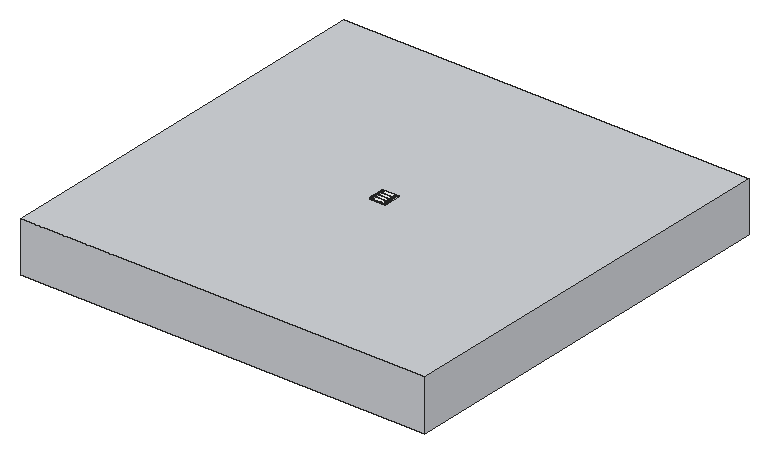
Revit family "Gira_5054003", category Elektroinstallationen, Revit 2017
Family settings
  Basisbauteil = Fläche
  Beschriftungsausrichtung beibehalten = Nein
  Bemaßung runder Anschluss = Durchmesser verwenden
  Teiletyp = Normal
  Beim Laden mit Abzugskörper schneiden = Nein
  Gemeinsam genutzt = Nein
  Raumberechnungspunkt = Nein
Parameters (values of type "Tastsens.4 24 V 4f TS4 Weiß")
  White = White
  Werkstoffgüte = "sonstige"
  Werkstoff Text = "sonstige"
  Default Elevation = 1219.2 mm
  URL = "https://www.gira.de/"
  Typname = "Tastsens.4 24 V 4f TS4 Weiß"
  Type Comments = ""
  Transparent = no
  Schutzart (IP) = "IP20"
  Produktseite = "https://media.stage.bim.site/t/eyJhbGciOiJIUzI1NiIsInR5cCI6IkpXVCJ9.eyJjdCI6MiwidHUiOiJodHRwOi8va2F0YWxvZy5naXJhLmRlL2RlX0RFL2RhdGVuYmxhdHQuaHRtbD9hcnRpa2VsbnI9NTA1NDAwMyIsImNpZCI6IjMyNzdjYzIzLTgxYTktNGVlMy1hOTBhLWI0N2JiNGMwYjYxNiIsInJpZCI6IjY4MGQ0YmYyMjhjNzFmZWE0Y2RiYmI3NDNhZTM3NjFiIiwicGlkIjoiNmIxYjNiMDNmNTg4YzQ5ZWIwY2U4MWQ5Nzk0ZTliMzU3YzQ4OWQ5NSIsInNpZCI6IjYzNDcwIiwidXQiOjEsImxjIjoiZGUiLCJpYXQiOjE2MDA5NDM3NjYsImlzcyI6Imh0dHBzOi8vYXBpLmxpdmUuYmltLnNpdGUiLCJzdWIiOiJhZG1pbkBiaW1zaXRlLmRldiJ9.-ygG7FQZbT0ydkaTa7GpobMDD9A4WjmlvmdC-JjU88Q"
  Oberfläche Text = "sonstige"
  Montageart = "Unterputz"
  Model = ""
  Mit Raumthermostat = no
  Mit LED-Anzeige = yes
  Mit Infrarotsensor = no
  Mit Display = no
  Mit Diebstahl-/Demontageschutz = yes
  Mit Busankopplung = no
  Mit Beschriftungsfeld = no
  Kosten = 0
  Hersteller = "Gira"
  HeinzeBIM = "https://www.heinze.de/bim/tastsens-4-24-v-4f-ts4-weiss/6b1b3b03f588c49eb0ce81d9794e9b357c489d95"
  HAN = "5054003"
  GTIN = "4010337074922"
  Funk bidirektional = no
  Farbe = "weiß"
  Datenblatt 1 = "https://media.stage.bim.site/t/eyJhbGciOiJIUzI1NiIsInR5cCI6IkpXVCJ9.eyJjdCI6MSwidGYiOiJwdWJsaWMvZ2lyYS9hZThjNTU3LzUwNTQwMDMudHh0IiwiY2lkIjoiMzI3N2NjMjMtODFhOS00ZWUzLWE5MGEtYjQ3YmI0YzBiNjE2IiwicmlkIjoiNjgwZDRiZjIyOGM3MWZlYTRjZGJiYjc0M2FlMzc2MWIiLCJwaWQiOiI2YjFiM2IwM2Y1ODhjNDllYjBjZTgxZDk3OTRlOWIzNTdjNDg5ZDk1Iiwic2lkIjoiNjM0NzAiLCJ1dCI6MSwibGMiOiJkZSIsImlhdCI6MTYwMDk0Mzc2NiwiaXNzIjoiaHR0cHM6Ly9hcGkubGl2ZS5iaW0uc2l0ZSIsInN1YiI6ImFkbWluQGJpbXNpdGUuZGV2In0.HSAwmt2geT7TwtHlI7XavcCJrmAygLIwRSA8vUb7HUU/5054003.txt"
  Datenblatt = "https://media.stage.bim.site/t/eyJhbGciOiJIUzI1NiIsInR5cCI6IkpXVCJ9.eyJjdCI6MSwidHUiOiJodHRwczovL2thdGFsb2cuZ2lyYS5kZS9kZV9ERS9kb3dubG9hZC5odG1sP2FydGlrZWxucj01MDU0MDAzIiwiY2lkIjoiMzI3N2NjMjMtODFhOS00ZWUzLWE5MGEtYjQ3YmI0YzBiNjE2IiwicmlkIjoiNjgwZDRiZjIyOGM3MWZlYTRjZGJiYjc0M2FlMzc2MWIiLCJwaWQiOiI2YjFiM2IwM2Y1ODhjNDllYjBjZTgxZDk3OTRlOWIzNTdjNDg5ZDk1Iiwic2lkIjoiNjM0NzAiLCJ1dCI6MSwibGMiOiJkZSIsImlhdCI6MTYwMDk0Mzc2NiwiaXNzIjoiaHR0cHM6Ly9hcGkubGl2ZS5iaW0uc2l0ZSIsInN1YiI6ImFkbWluQGJpbXNpdGUuZGV2In0.S1RvAAzMjr-PJEbnbkNR1R_GZvxNuqv5htXJH62mWi0"
  Bussystem Powernet = no
  Bussystem LON = no
  Bussystem KNX-Funk = no
  Bussystem KNX = yes
  Bussystem Funkbus = no
  Beschreibung = "Tastsensor 4 24 V 4fach  Weiß Merkmale:  Tastsensor 4 zum Anschluss an 24 V Steuersysteme.  Zwei weiße Status-LEDs pro Wippe.  Messung der Raumtemperatur mit integriertem Temperatursensor (PT1000).  Hinweise :  Nur für SELV-Stromkreise geeignet.  Professionelle Beschriftung über den Gira Beschriftungsservice www.beschriftung.gira.de.  Der Tastsensor wird mit einer programmneutralen Inbetriebnahme-Wippe geliefert. Das passende Wippenset zum Schalterprogramm ist separat zu bestellen."
  Assembly Code = ""
  Keynote = ""
  BIMSITE_PRODUCT_ID = "6b1b3b03f588c49eb0ce81d9794e9b357c489d95"
  BIM = "https://media.stage.bim.site/t/eyJhbGciOiJIUzI1NiIsInR5cCI6IkpXVCJ9.eyJjdCI6MSwidGYiOiJwdWJsaWMvZ2lyYS9hZThjNTU3LzQwXzUwMDQwMCBUUzQgNGZhY2gucmZhIiwiY2lkIjoiMzI3N2NjMjMtODFhOS00ZWUzLWE5MGEtYjQ3YmI0YzBiNjE2IiwicmlkIjoiNjgwZDRiZjIyOGM3MWZlYTRjZGJiYjc0M2FlMzc2MWIiLCJwaWQiOiI2YjFiM2IwM2Y1ODhjNDllYjBjZTgxZDk3OTRlOWIzNTdjNDg5ZDk1Iiwic2lkIjoiNjM0NzAiLCJ1dCI6NSwibGMiOiJkZSIsImlhdCI6MTYwMDk0Mzc2NiwiaXNzIjoiaHR0cHM6Ly9hcGkubGl2ZS5iaW0uc2l0ZSIsInN1YiI6ImFkbWluQGJpbXNpdGUuZGV2In0.Gd0LrRVRXhb__hkZYu9kNyf1Z7Awi367-Xx6JbhhWcI/40_500400 TS4 4fach.rfa"
  Anzahl der Tasten = 4
  Anzahl der Betätigungspunkte = 8
  Andere Bussysteme = "ohne"
Reference planes
  plane 1 "Center (Front/Back)": y = 0
  plane 2: z = 0
  plane 3 "Center (Left/Right)": x = 0
Forms (mm)
  Extrusion 1, solid
    sketch origin (0, 0, 0) x (1, 0, 0) y (0, 1, 0)
      loop
        line (-1219.2, 1219.2) -> (-1219.2, -1219.2) -> (1219.2, -1219.2) -> (1219.2, 1219.2) -> (-1219.2, 1219.2)
    from 0 to -304.8
  Extrusion 2, solid, material "White", detail levels fine
    sketch origin (0, 0, 0) x (1, 0, 0) y (0, 1, 0)
      loop
        line (25.45, 35.45) -> (-25.45, 35.45)
        arc (-25.45, 35.45) -> (-32.521, 32.521) -> (-35.45, 25.45) r 10
        line (-35.45, 25.45) -> (-35.45, -25.45)
        arc (-35.45, -25.45) -> (-32.521, -32.521) -> (-25.45, -35.45) r 10
        line (-25.45, -35.45) -> (25.45, -35.45)
        arc (25.45, -35.45) -> (32.521, -32.521) -> (35.45, -25.45) r 10
        line (35.45, -25.45) -> (35.45, 25.45)
        arc (35.45, 25.45) -> (32.521, 32.521) -> (25.45, 35.45) r 10
      loop
        arc (-31.325, 28.496) -> (-31.325, 25.668) -> (-28.496, 25.668) r 2
        line (-28.496, 25.668) -> (-25.668, 28.496)
        arc (-25.668, 28.496) -> (-25.668, 31.325) -> (-28.496, 31.325) r 2
        line (-28.496, 31.325) -> (-31.325, 28.496)
      loop
        arc (-28.496, -31.325) -> (-25.668, -31.325) -> (-25.668, -28.496) r 2
        line (-25.668, -28.496) -> (-28.496, -25.668)
        arc (-28.496, -25.668) -> (-31.325, -25.668) -> (-31.325, -28.496) r 2
        line (-31.325, -28.496) -> (-28.496, -31.325)
      loop
        line (31.325, 28.496) -> (28.496, 31.325)
        arc (28.496, 31.325) -> (25.668, 31.325) -> (25.668, 28.496) r 2
        line (25.668, 28.496) -> (28.496, 25.668)
        arc (28.496, 25.668) -> (31.325, 25.668) -> (31.325, 28.496) r 2
      loop
        line (28.496, -31.325) -> (31.325, -28.496)
        arc (31.325, -28.496) -> (31.325, -25.668) -> (28.496, -25.668) r 2
        line (28.496, -25.668) -> (25.668, -28.496)
        arc (25.668, -28.496) -> (25.668, -31.325) -> (28.496, -31.325) r 2
      loop
        line (-13.39, 22.831) -> (-22.831, 13.39) -> (-22.831, -13.39) -> (-13.39, -22.831) -> (13.39, -22.831) -> (22.831, -13.39) -> (22.831, 13.39) -> (13.39, 22.831) -> (-13.39, 22.831)
      loop
        arc (-1.681, 31.793) -> (-6.669, 29.581) -> (-1.417, 28.102) r 2.9
        arc (-1.417, 28.102) -> (2.178, 28.079) -> (5.741, 27.6) r 28.291
        arc (5.741, 27.6) -> (7.553, 29.282) -> (6.077, 31.265) r 1.851
        arc (6.077, 31.265) -> (2.215, 31.784) -> (-1.681, 31.793) r 29.64
      loop
        arc (1.681, -31.793) -> (6.669, -29.581) -> (1.417, -28.102) r 2.9
        arc (1.417, -28.102) -> (-2.178, -28.079) -> (-5.741, -27.6) r 28.291
        arc (-5.741, -27.6) -> (-7.553, -29.282) -> (-6.077, -31.265) r 1.851
        arc (-6.077, -31.265) -> (-2.215, -31.784) -> (1.681, -31.793) r 29.64
      loop
        arc (-31.793, -1.681) -> (-29.581, -6.669) -> (-28.102, -1.417) r 2.9
        arc (-28.102, -1.417) -> (-28.079, 2.178) -> (-27.6, 5.741) r 28.291
        arc (-27.6, 5.741) -> (-29.282, 7.553) -> (-31.265, 6.077) r 1.851
        arc (-31.265, 6.077) -> (-31.784, 2.215) -> (-31.793, -1.681) r 29.64
      loop
        arc (31.793, 1.681) -> (29.581, 6.669) -> (28.102, 1.417) r 2.9
        arc (28.102, 1.417) -> (28.079, -2.178) -> (27.6, -5.741) r 28.291
        arc (27.6, -5.741) -> (29.282, -7.553) -> (31.265, -6.077) r 1.851
        arc (31.265, -6.077) -> (31.784, -2.215) -> (31.793, 1.681) r 29.64
    from 0 to -1
  Extrusion 3, solid, material "White", detail levels medium+fine
    sketch origin (0, 0, 0) x (1, 0, 0) y (0, 1, 0)
      loop
        line (-22.831, 13.39) -> (-22.831, -13.39) -> (-13.39, -22.831) -> (13.39, -22.831) -> (22.831, -13.39) -> (22.831, 13.39) -> (13.39, 22.831) -> (-13.39, 22.831) -> (-22.831, 13.39)
    from 0 to -15.5
  Extrusion 4, solid, material "White", detail levels medium
    sketch origin (0, 0, 0) x (1, 0, 0) y (0, 1, 0)
      loop
        line (35.45, 35.45) -> (-35.45, 35.45) -> (-35.45, -35.45) -> (35.45, -35.45) -> (35.45, 35.45)
    from 0 to -1
  Extrusion 5, solid, material "White" <- "White", detail levels fine
    sketch origin (0, 0, 0) x (1, 0, 0) y (0, 1, 0)
      loop
        arc (-41.4, 44.4) -> (-43.521, 43.521) -> (-44.4, 41.4) r 3
        line (-44.4, 41.4) -> (-44.4, -41.4)
        arc (-44.4, -41.4) -> (-43.521, -43.521) -> (-41.4, -44.4) r 3
        line (-41.4, -44.4) -> (41.4, -44.4)
        arc (41.4, -44.4) -> (43.521, -43.521) -> (44.4, -41.4) r 3
        line (44.4, -41.4) -> (44.4, 41.4)
        arc (44.4, 41.4) -> (43.521, 43.521) -> (41.4, 44.4) r 3
        line (41.4, 44.4) -> (-41.4, 44.4)
      loop
        arc (-42.4, -41.4) -> (-42.107, -42.107) -> (-41.4, -42.4) r 1
        line (-41.4, -42.4) -> (41.4, -42.4)
        arc (41.4, -42.4) -> (42.107, -42.107) -> (42.4, -41.4) r 1
        line (42.4, -41.4) -> (42.4, 41.4)
        arc (42.4, 41.4) -> (42.107, 42.107) -> (41.4, 42.4) r 1
        line (41.4, 42.4) -> (-41.4, 42.4)
        arc (-41.4, 42.4) -> (-42.107, 42.107) -> (-42.4, 41.4) r 1
        line (-42.4, 41.4) -> (-42.4, -41.4)
    from 0 to 4
  Extrusion 6, solid, material "White" <- "White", detail levels medium
    sketch origin (0, 0, 0) x (1, 0, 0) y (0, 1, 0)
      loop
        line (-44.4, 44.4) -> (-44.4, -44.4) -> (44.4, -44.4) -> (44.4, 44.4) -> (-44.4, 44.4)
    from 0 to 4
  Extrusion 7, solid, material "White" <- "White", detail levels fine
    sketch origin (0, 0, 0) x (1, 0, 0) y (0, 1, 0)
      loop
        line (-46.5, -47.5) -> (46.5, -47.5)
        arc (46.5, -47.5) -> (47.207, -47.207) -> (47.5, -46.5) r 1
        line (47.5, -46.5) -> (47.5, 46.5)
        arc (47.5, 46.5) -> (47.207, 47.207) -> (46.5, 47.5) r 1
        line (46.5, 47.5) -> (-46.5, 47.5)
        arc (-46.5, 47.5) -> (-47.207, 47.207) -> (-47.5, 46.5) r 1
        line (-47.5, 46.5) -> (-47.5, -46.5)
        arc (-47.5, -46.5) -> (-47.207, -47.207) -> (-46.5, -47.5) r 1
    from 4 to 9
  Extrusion 8, solid, material "White" <- "White", detail levels medium
    sketch origin (0, 0, 0) x (1, 0, 0) y (0, 1, 0)
      loop
        line (-47.5, -47.5) -> (47.5, -47.5) -> (47.5, -23.957) -> (-47.5, -23.947) -> (-47.5, -47.5)
      loop
        line (-47.5, -23.647) -> (47.5, -23.657) -> (47.5, -0.2) -> (-47.5, -0.2) -> (-47.5, -23.647)
      loop
        line (-47.5, 47.5) -> (-47.5, 23.947) -> (47.5, 23.957) -> (47.5, 47.5) -> (-47.5, 47.5)
      loop
        line (-47.5, 23.647) -> (-47.5, 0.2) -> (47.5, 0.2) -> (47.5, 23.657) -> (-47.5, 23.647)
    from 4 to 10.7
  Extrusion 9, solid, material "White" <- "White", detail levels fine
    sketch origin (0, 0, 0) x (1, 0, 0) y (0, 1, 0)
      loop
        line (47.5, 24.957) -> (47.5, 46.5)
        arc (47.5, 46.5) -> (47.207, 47.207) -> (46.5, 47.5) r 1
        line (46.5, 47.5) -> (-46.5, 47.5)
        arc (-46.5, 47.5) -> (-47.207, 47.207) -> (-47.5, 46.5) r 1
        line (-47.5, 46.5) -> (-47.5, 24.947)
        arc (-47.5, 24.947) -> (-47.207, 24.24) -> (-46.5, 23.947) r 1
        line (-46.5, 23.947) -> (46.5, 23.957)
        arc (46.5, 23.957) -> (47.207, 24.25) -> (47.5, 24.957) r 1
      loop
        line (-46.5, 0.2) -> (46.5, 0.2)
        arc (46.5, 0.2) -> (47.207, 0.493) -> (47.5, 1.2) r 1
        line (47.5, 1.2) -> (47.5, 22.657)
        arc (47.5, 22.657) -> (47.207, 23.364) -> (46.5, 23.657) r 1
        line (46.5, 23.657) -> (-46.5, 23.647)
        arc (-46.5, 23.647) -> (-47.207, 23.354) -> (-47.5, 22.647) r 1
        line (-47.5, 22.647) -> (-47.5, 1.2)
        arc (-47.5, 1.2) -> (-47.207, 0.493) -> (-46.5, 0.2) r 1
      loop
        arc (47.5, -24.957) -> (47.207, -24.25) -> (46.5, -23.957) r 1
        line (46.5, -23.957) -> (-46.5, -23.947)
        arc (-46.5, -23.947) -> (-47.207, -24.24) -> (-47.5, -24.947) r 1
        line (-47.5, -24.947) -> (-47.5, -46.5)
        arc (-47.5, -46.5) -> (-47.207, -47.207) -> (-46.5, -47.5) r 1
        line (-46.5, -47.5) -> (46.5, -47.5)
        arc (46.5, -47.5) -> (47.207, -47.207) -> (47.5, -46.5) r 1
        line (47.5, -46.5) -> (47.5, -24.957)
      loop
        arc (-46.5, -0.2) -> (-47.207, -0.493) -> (-47.5, -1.2) r 1
        line (-47.5, -1.2) -> (-47.5, -22.647)
        arc (-47.5, -22.647) -> (-47.207, -23.354) -> (-46.5, -23.647) r 1
        line (-46.5, -23.647) -> (46.5, -23.657)
        arc (46.5, -23.657) -> (47.207, -23.364) -> (47.5, -22.657) r 1
        line (47.5, -22.657) -> (47.5, -1.2)
        arc (47.5, -1.2) -> (47.207, -0.493) -> (46.5, -0.2) r 1
        line (46.5, -0.2) -> (-46.5, -0.2)
    from 9.3 to 10.3
  Extrusion 10, solid, material "White" <- "White", detail levels fine
    sketch origin (0, 0, 0) x (1, 0, 0) y (0, 1, 0)
      loop
        line (-37.5, 40.697) -> (-47.5, 40.697) -> (-47.5, 39.897) -> (-37.5, 39.897)
        arc (-37.5, 39.897) -> (-33.3, 35.697) -> (-37.5, 31.497) r 4.2
        line (-37.5, 31.497) -> (-47.5, 31.497) -> (-47.5, 30.697) -> (-37.5, 30.697)
        arc (-37.5, 30.697) -> (-32.5, 35.697) -> (-37.5, 40.697) r 5
      loop
        arc (37.5, 40.697) -> (32.5, 35.697) -> (37.5, 30.697) r 5
        line (37.5, 30.697) -> (47.5, 30.697) -> (47.5, 31.497) -> (37.5, 31.497)
        arc (37.5, 31.497) -> (33.3, 35.697) -> (37.5, 39.897) r 4.2
        line (37.5, 39.897) -> (47.5, 39.897) -> (47.5, 40.697) -> (37.5, 40.697)
      loop
        arc (-37.5, -16.883) -> (-32.5, -11.883) -> (-37.5, -6.883) r 5
        line (-37.5, -6.883) -> (-47.5, -6.883) -> (-47.5, -7.683) -> (-37.5, -7.683)
        arc (-37.5, -7.683) -> (-33.3, -11.883) -> (-37.5, -16.083) r 4.2
        line (-37.5, -16.083) -> (-47.5, -16.083) -> (-47.5, -16.883) -> (-37.5, -16.883)
      loop
        line (37.5, -16.883) -> (47.5, -16.883) -> (47.5, -16.083) -> (37.5, -16.083)
        arc (37.5, -16.083) -> (33.3, -11.883) -> (37.5, -7.683) r 4.2
        line (37.5, -7.683) -> (47.5, -7.683) -> (47.5, -6.883) -> (37.5, -6.883)
        arc (37.5, -6.883) -> (32.5, -11.883) -> (37.5, -16.883) r 5
      loop
        arc (-37.5, -40.697) -> (-32.5, -35.697) -> (-37.5, -30.697) r 5
        line (-37.5, -30.697) -> (-47.5, -30.697) -> (-47.5, -31.497) -> (-37.5, -31.497)
        arc (-37.5, -31.497) -> (-33.3, -35.697) -> (-37.5, -39.897) r 4.2
        line (-37.5, -39.897) -> (-47.5, -39.897) -> (-47.5, -40.697) -> (-37.5, -40.697)
      loop
        line (37.5, -40.697) -> (47.5, -40.697) -> (47.5, -39.897) -> (37.5, -39.897)
        arc (37.5, -39.897) -> (33.3, -35.697) -> (37.5, -31.497) r 4.2
        line (37.5, -31.497) -> (47.5, -31.497) -> (47.5, -30.697) -> (37.5, -30.697)
        arc (37.5, -30.697) -> (32.5, -35.697) -> (37.5, -40.697) r 5
      loop
        line (-37.5, 16.883) -> (-47.5, 16.883) -> (-47.5, 16.083) -> (-37.5, 16.083)
        arc (-37.5, 16.083) -> (-33.3, 11.883) -> (-37.5, 7.683) r 4.2
        line (-37.5, 7.683) -> (-47.5, 7.683) -> (-47.5, 6.883) -> (-37.5, 6.883)
        arc (-37.5, 6.883) -> (-32.5, 11.883) -> (-37.5, 16.883) r 5
      loop
        arc (37.5, 16.883) -> (32.5, 11.883) -> (37.5, 6.883) r 5
        line (37.5, 6.883) -> (47.5, 6.883) -> (47.5, 7.683) -> (37.5, 7.683)
        arc (37.5, 7.683) -> (33.3, 11.883) -> (37.5, 16.083) r 4.2
        line (37.5, 16.083) -> (47.5, 16.083) -> (47.5, 16.883) -> (37.5, 16.883)
    from 9.5 to 10.7
  Extrusion 11, solid, material "White" <- "White", detail levels coarse
    sketch origin (0, 0, 0) x (1, 0, 0) y (0, 1, 0)
      loop
        line (-47.5, -47.5) -> (47.5, -47.5) -> (47.5, 47.5) -> (-47.5, 47.5) -> (-47.5, -47.5)
    from -15.4 to 10.7
Lines and regions (mm)
  reference lines
    curve 1: line (0, 47.5, 0) -> (0, -47.5, 0)
    curve 2: line (-47.5, 0, 0) -> (47.5, 0, 0)
Dimensions and locks
  aligned and locked: plane 2 to Extrusion 1
  aligned and locked: level to Extrusion 1
Connectors
  electrical at (0, 0, -15.5)
    settings: on Extrusion 3, index 1, voltage 220 V, apparent load 0 VA, apparent load phase1 0 VA, apparent load phase2 0 VA, apparent load phase3 0 VA, power factor 1, load classification "Other", number of poles 1, system type 31, power factor state 1, is connector primary yes, connector utility no, sub classification motor no, connector description ""
